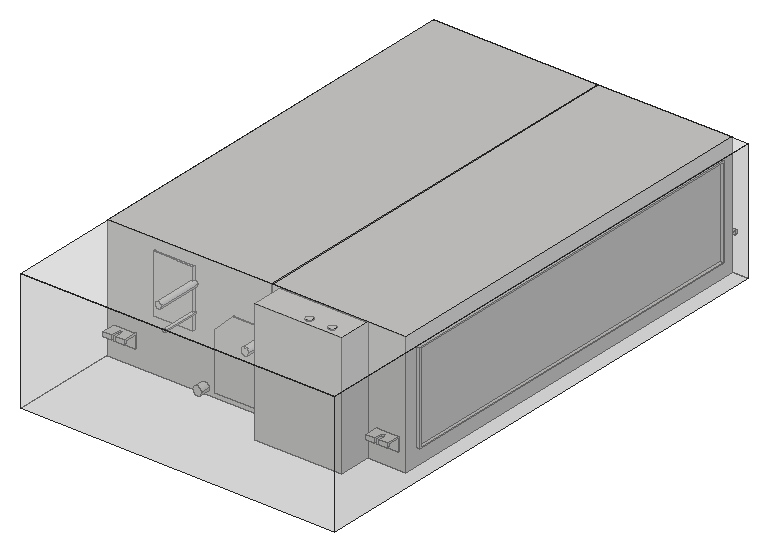
Revit family "outputfile", category 機械設備, Revit 2024
Family settings
  丸型コネクタ寸法 = 半径を使用
  パーツ タイプ = 標準
  OmniClass 番号 = 23.75.10.24.21.27.27
  OmniClass タイトル = Split System Air Conditioning Units
  作業面ベース = いいえ
  常に垂直 = はい
  ロード時にボイドで切り取り = いいえ
  注釈の向きを維持 = いいえ
  共有 = いいえ
  部屋計算ポイント = はい
Parameters (values of type "FXMQ250NVE6")
  製造元 = "Daikin"
  書き出し IFC クラス(タイプ) = "IfcUnitaryEquipmentType"
  定義済み IFC タイプ(タイプ) = "AIRCONDITIONINGUNIT"
  モデル = "FXMQ250NVE6"
  switch_frequency = yes
  lw_suctionflange = 1390 mm
  r_Liquid Pipe Size = Liquid Pipe Size / 2  # 4.75 mm
  r_Gas Pipe Size = Gas Pipe Size / 2  # 11.1 mm
  r_Drain Pipe Size = Drain Pipe Size / 2  # 15.75 mm
  lw_power = 87 mm  # constant formula
  lw_dischargeflange = 1247 mm
  lh_power = 443.6 mm  # constant formula
  lh_mountinghole1 = lh_mountinghole + [h***]  # 110 mm
  lh_dischargeflange = 370 mm  # constant formula
  ld_power = 199 mm  # constant formula
  ld_dischargeflange = 30 mm  # constant formula
  connector_voltage = Voltage_50Hz  # 230 V
  connector_powerinput = if([Power Input (Cooling)] > [Power Input (Heating)], [Power Input (Cooling)], [Power Input (Heating)])  # 1.650 kW
  connector_phase = Phase_50Hz  # 1
  Voltage_comment_50Hz = "230"
  Voltage_50Hz = 230 V
  Supply Air Direction [instance] = yes
  Phase_50Hz = 1
  Minimum External Static Pressure = 190.00 Pa
  Minimum Circuit Amps_50Hz = 10.9 A
  Maximum Fuse Amps_50Hz = 15.0 A
  Maximum External Static Pressure = 270.00 Pa
  Material_Casing = DAIKIN_GalvanizedSteel_Casing_indoorunit
  ld_mountinghole = 962 mm  # constant formula
  lh_gaspipe = 96 mm  # constant formula
  lh_mountinghole = 110 mm  # constant formula
  lh_liquidpipe = 191 mm  # constant formula
  lh_drainpipe = 24 mm  # constant formula
  lh_antena = Height - lh_mountinghole + 1 mm  # 336 mm
  ld_drainpipe = 355 mm  # constant formula
  ld_liquidpipe = 317 mm  # constant formula
  ld_gaspipe = 317 mm  # constant formula
  lw_mountinghole = 1544 mm
  h*** = 0 mm  # constant formula
  lw_liquidpipe = 137 mm
  lw_gaspipe = 164 mm
  lw_drainpipe = 33 mm  # constant formula
  Width = 1611 mm
  Version = "ver.1.0"
  Unit Type = "Duct_H.S.P."
  Unit Mass Weight = 130.00 kg
  Unit Designation [instance] = ""
  Uniclass2015Version = "Products v1.30"
  Uniclass2015Title = "Variable refrigerant flow units"
  Uniclass2015Code = "Pr_70_65_03_94"
  Total Heating Capacity [instance] = 0.000 kW
  Total Cooling Capacity [instance] = 0.000 kW
  Sound Pressure Level_L speed (dBA) = 47
  Sound Pressure Level_H speed (dBA) = 49
  Series = "VRV Fan Coil Unit"
  Sensible Cooling Capacity [instance] = 0.000 kW
  SA Duct Size Width = 1247 mm
  SA Duct Size Height = 370 mm
  Refrigerant Type = "R410A"
  RA Duct Size Width = 1390 mm
  RA Duct Size Height = 333 mm
  Power Input (Heating) = 1.650 kW
  Power Input (Cooling) = 1.650 kW
  Option Accessory 3 [instance] = ""
  Option Accessory 2 [instance] = ""
  Option Accessory 1 [instance] = ""
  Nominal Heating Capacity = 31.500 kW
  Nominal Cooling Capacity = 28.000 kW
  Minimum Airflow = 4380.00 m³/h
  Median Airflow = 0.00 m³/h
  Maximum Airflow = 4800.00 m³/h
  Load Classification = HVAC
  Liquid Pipe Size = 9.5 mm
  Link_Nested Family [instance] = ""
  IfcVersion = ""
  IfcExportType = "AIRCONDITIONINGUNIT"
  IfcExportAs = "IfcUnitaryEquipmentType"
  Height = 445 mm
  Heating Entering Wet Bulb Temperature [instance] = 0.00 °C
  Heating Entering Dry Bulb Temperature [instance] = 0.00 °C
  Heating Ambient Wet Bulb Temperature [instance] = 0.00 °C
  Heating Ambient Dry Bulb Temperature [instance] = 0.00 °C
  Heat Exchanger Type = "Cross Fin Coil"
  Gas Pipe Size = 22.2 mm
  Frequency_50Hz = 50 Hz
  Fan Type = "Sirocco Fan"
  Fan Drive = "Direct Drive"
  FCU Tag No. [instance] = ""
  Drain Pipe Size = 31.5 mm
  Design Supply Airflow [instance] = 0.00 m³/h
  Design Return Airflow [instance] = 0.00 m³/h
  Design External Static Pressure [instance] = 0.00 Pa
  Depth = 1090 mm
  既定の高さ = 0 mm
  Cooling Entering Wet Bulb Temperature [instance] = 0.00 °C
  Cooling Entering Dry Bulb Temperature [instance] = 0.00 °C
  Cooling Ambient Wet Bulb Temperature [instance] = 0.00 °C
  Cooling Ambient Dry Bulb Temperature [instance] = 0.00 °C
  Clearance visibility [instance] = yes
  Clearance Top = 0 mm
  Clearance Right = 60 mm
  Clearance Rear = 0 mm
  Clearance Left = 0 mm
  Clearance Front = 400 mm
  Clearance Bottom = 0 mm
Reference planes
  plane 1 "Center (Front/Back)": y = 0
  plane 2 "h": z = 0
  plane 3 "Center (Left/Right)": x = 0
  plane 4 "Back": y = 746
  plane 5: y = -746
  plane 6 "Left": x = -545
  plane 7 "Reight": x = 545
  plane 8 "Top": z = 0
  plane 9 "Bottom": z = -445
  plane 10 "ld_mountinghole1": y = 772
  plane 11: y = 746
  plane 12: y = -1146
  plane 13: x = -545
  plane 14: x = 605
  plane 15: z = 0
  plane 16: z = -445
  plane 17: x = 55
  plane 18 "ld_mountinghole2": y = -772
  plane 19: x = -481
  plane 20: x = 481
  plane 21: x = -545
  plane 22: x = 545
  plane 23 "Front": y = -865
  plane 24 "lh_mountinghole": z = -335
  plane 25: x = -228
  plane 26: x = -228
  plane 27: x = -190
  plane 28 "lh_liquidpipe": z = -191
  plane 29: z = -96
  plane 30: z = -421
  plane 31: y = -883
  plane 32: y = -910
  plane 33: y = -779
  plane 34: y = -833
  plane 35: x = 346
  plane 36: y = -752
  plane 37: y = -801
  plane 38: z = -38
  plane 39: y = 666.5
  plane 40: z = -50
  plane 41: y = 691
Forms (mm)
  Extrusion 1, solid, material "DAIKIN_GalvanizedSteel_Casing_indoorunit" <- "Material_Casing"
    sketch origin (12.25, -160, 0) x (1, 0, 0) y (0, 1, 0)
      loop
        line (42.75, 906) -> (42.75, -586) -> (532.75, -586) -> (532.75, 906) -> (42.75, 906)
    from -445 to 0
  Extrusion 2, solid, material "DAIKIN_GalvanizedSteel_Casing_indoorunit" <- "Material_Casing"
    sketch origin (115, 9, 0) x (1, 0, 0) y (0, 1, 0)
      loop
        line (-660, 737) -> (-660, -755) -> (-60, -755) -> (-60, 737) -> (-660, 737)
    from -445 to 0
  Extrusion 3, solid, material "DAIKIN_GalvanizedSteel_Casing_indoorunit" <- "Material_Casing"
    sketch origin (0, -900, 0) x (1, 0, 0) y (0, 0, 1)
      loop
        line (87.5, -1.4) -> (87.5, -445) -> (405.5, -445) -> (405.5, -1.4) -> (87.5, -1.4)
    from -154 to -35
  Extrusion 4, solid, material "DAIKIN_GalvanizedSteel_Casing_indoorunit" <- "Material_Casing"
    sketch origin (-1374.64, -746, 1200) x (-1, 0, 0) y (0, 0, 1)
      loop
        circle (-1146.64, -1391) r 4.75
    from 0 to -137
  Extrusion 5, solid, material "DAIKIN_GalvanizedSteel_Casing_indoorunit" <- "Material_Casing"
    sketch origin (-1374.64, -746, 1200) x (-1, 0, 0) y (0, 0, 1)
      loop
        circle (-1146.64, -1296) r 11.1
    from 0 to -164
  Extrusion 6, solid, material "DAIKIN_GalvanizedSteel_Casing_indoorunit" <- "Material_Casing"
    sketch origin (-1374.64, -746, 1200) x (-1, 0, 0) y (0, 0, 1)
      loop
        circle (-1184.64, -1621) r 15.75
    from 0 to -33
  Extrusion 7, solid, material "DAIKIN_GalvanizedSteel_Casing_indoorunit" <- "Material_Casing"
    sketch origin (0, 0, 0) x (1, 0, 0) y (0, 0, 1)
      loop
        line (-373, -38) -> (-373, -250) -> (-228, -250) -> (-228, -38) -> (-373, -38)
    from 746 to 752
  Extrusion 8, solid, material "DAIKIN_GalvanizedSteel_Casing_indoorunit" <- "Material_Casing"
    sketch origin (0, 0, 0) x (1, 0, 0) y (0, 0, 1)
      loop
        line (-84, -152.5) -> (-149, -217.5) -> (-149, -424.5) -> (42.6, -424.5) -> (42.6, -152.5) -> (-84, -152.5)
    from 746 to 752
  Extrusion 9, solid, material "DAIKIN_GalvanizedSteel_Casing_indoorunit" <- "Material_Casing"
    sketch origin (0, 0, 0) x (1, 0, 0) y (0, 0, 1)
      loop
        circle (2, -215) r 13.75
    from 746 to 801
  Extrusion 10, solid, material "DAIKIN_GalvanizedSteel_Casing_indoorunit" <- "Material_Casing"
    sketch origin (0, 0, 0) x (1, 0, 0) y (0, 1, 0)
      loop
        circle (346, -833) r 12.4
      loop
        circle (263, -833) r 12.4
    from -1.4 to -152.5
Cuts and joins
  joined: Extrusion 8, Extrusion 9
  joined: Extrusion 4, Extrusion 5, Extrusion 7
Dimensions and locks
  "Height": plane 8 "Top" to plane 9 "Bottom"
  equal spacing: plane 6 "Left", plane 3 "Center (Left/Right)", plane 7 "Reight"
  "Clearance Left": plane 13 to plane 6 "Left"
  "Clearance Right": plane 7 "Reight" to plane 14
  "Clearance Rear": plane 11 to plane 4 "Back"
  "Clearance Front": plane 5 to plane 12
  "Clearance Top": plane 15 to plane 8 "Top"
  "Clearance Bottom": plane 9 "Bottom" to plane 16
  equal spacing: plane 18 "ld_mountinghole2", plane 1 "Center (Front/Back)", plane 10 "ld_mountinghole1"
  "lw_mountinghole": plane 18 "ld_mountinghole2" to plane 10 "ld_mountinghole1"
  equal spacing: plane 19, plane 3 "Center (Left/Right)", plane 20
  "ld_mountinghole": plane 19 to plane 20
  "Depth": plane 6 "Left" to plane 7 "Reight"
  plane 21 to plane 22 = 1090 mm
  equal spacing: plane 21, plane 3 "Center (Left/Right)", plane 22
  plane 4 "Back" to plane 5 = 1492 mm
  equal spacing: plane 4 "Back", plane 1 "Center (Front/Back)", plane 5
  "lh_mountinghole": plane 24 "lh_mountinghole" to plane 9 "Bottom"
  locked: plane 5 to plane 23 "Front" at 119
  locked: plane 21 to plane 17 at 600
  "ld_liquidpipe": plane 21 to plane 25
  "ld_gaspipe": plane 21 to plane 26
  "ld_drainpipe": plane 21 to plane 27
  "lh_liquidpipe": plane 8 "Top" to plane 28 "lh_liquidpipe"
  "lh_gaspipe": plane 8 "Top" to plane 29
  "lh_drainpipe": plane 30 to plane 9 "Bottom"
  "lw_liquidpipe": plane 5 to plane 31
  "lw_gaspipe": plane 5 to plane 32
  "lw_drainpipe": plane 5 to plane 33
  "lw_power": plane 5 to plane 34
  "ld_power": plane 35 to plane 22
  "Width": plane 4 "Back" to plane 23 "Front"
  locked: plane 8 "Top" to Extrusion 7 sketch curve at 38
  locked: Extrusion 7 sketch curve to Extrusion 7 sketch curve at 212
  locked: plane 26 to Extrusion 7 sketch curve at 145
  locked: plane 5 to plane 36 at 6
  locked: Extrusion 8 sketch curve to plane 9 "Bottom" at 20.5
  locked: Extrusion 8 sketch curve to Extrusion 8 sketch curve at 272
  locked: Extrusion 8 sketch curve to plane 21 at 396
  locked: Extrusion 8 sketch curve to Extrusion 8 sketch curve at 191.6
  locked: plane 8 "Top" to Extrusion 8 sketch curve at 217.5
  locked: Extrusion 8 sketch curve to plane 21 at 461
  locked: Extrusion 3 sketch curve to plane 9 "Bottom" at 443.6
  locked: plane 22 to Extrusion 3 sketch curve at 139.5
  locked: Extrusion 3 sketch curve to Extrusion 3 sketch curve at 318
  locked: plane 5 to plane 37 at 55
  Extrusion 10 sketch curve to Extrusion 10 sketch curve to plane 22 = 83 mm locked, 199 mm locked
  locked: plane 8 "Top" to plane 38 at 38
  locked: plane 4 "Back" to plane 39 at 79.5
  plane 8 "Top" to plane 40 = 50 mm
  locked: plane 4 "Back" to plane 41 at 55
  locked: level to plane 40 at 50
  "r_Liquid Pipe Size": radius of Extrusion 4 sketch curve
  "r_Gas Pipe Size": radius of Extrusion 5 sketch curve
  "r_Drain Pipe Size": radius of Extrusion 6 sketch curve
  aligned and locked: level to plane 2 "h"
  aligned and locked: plane 8 "Top" to Extrusion 1
  aligned and locked: Extrusion 1 to plane 9 "Bottom"
  aligned and locked: nested 2 to plane 12
  aligned and locked: plane 13 to nested 2
  aligned and locked: plane 14 to nested 2
  aligned and locked: nested 2 to plane 13
  aligned and locked: plane 11 to nested 2
  aligned and locked: plane 15 to nested 2
  aligned and locked: plane 16 to nested 2
  aligned and locked: Extrusion 1 to plane 17
  aligned and locked: Extrusion 2 sketch curve to plane 4 "Back"
  aligned and locked: Extrusion 2 sketch curve to plane 17
  aligned and locked: plane 5 to Extrusion 2 sketch curve
  aligned and locked: plane 10 "ld_mountinghole1" to nested 5
  aligned and locked: plane 19 to nested 5
  aligned and locked: nested 4 to plane 18 "ld_mountinghole2"
  aligned and locked: plane 19 to nested 4
  aligned and locked: nested 3 to plane 20
  aligned and locked: nested 3 to plane 18 "ld_mountinghole2"
  aligned and locked: plane 10 "ld_mountinghole1" to nested 6
  aligned and locked: nested 6 to plane 20
  aligned and locked: nested 1 to plane 3 "Center (Left/Right)"
  aligned and locked: plane 1 "Center (Front/Back)" to nested 1
  aligned and locked: level to plane 8 "Top"
  aligned and locked: Extrusion 2 to plane 21
  aligned and locked: plane 22 to Extrusion 1
  aligned and locked: plane 4 "Back" to Extrusion 1
  aligned and locked: Extrusion 1 to plane 5
  aligned and locked: plane 8 "Top" to Extrusion 2
  aligned and locked: plane 5 to Extrusion 3
  aligned and locked: Extrusion 3 to plane 23 "Front"
  aligned and locked: plane 28 "lh_liquidpipe" to Extrusion 4 sketch curve
  aligned and locked: plane 25 to Extrusion 4 sketch curve
  aligned and locked: plane 5 to Extrusion 4
  aligned and locked: Extrusion 4 to plane 31
  aligned and locked: plane 29 to Extrusion 5 sketch curve
  aligned and locked: plane 26 to Extrusion 5 sketch curve
  aligned and locked: Extrusion 5 to plane 32
  aligned and locked: plane 30 to Extrusion 6 sketch curve
  aligned and locked: plane 27 to Extrusion 6 sketch curve
  aligned and locked: plane 5 to Extrusion 5
  aligned and locked: plane 5 to Extrusion 6
  aligned and locked: Extrusion 6 to plane 33
  aligned and locked: plane 25 to nested 7
  aligned and locked: nested 7 to plane 31
  aligned and locked: nested 7 to plane 28 "lh_liquidpipe"
  aligned and locked: plane 26 to nested 8
  aligned and locked: nested 8 to plane 32
  aligned and locked: nested 8 to plane 29
  aligned and locked: plane 27 to nested 9
  aligned and locked: nested 9 to plane 33
  aligned and locked: nested 9 to plane 30
  aligned and locked: plane 35 to nested 10
  aligned and locked: nested 10 to plane 34
  aligned and locked: plane 4 "Back" to nested 11
  aligned and locked: plane 19 to nested 11
  aligned and locked: nested 12 to plane 5
  aligned and locked: plane 20 to nested 12
  aligned and locked: plane 4 "Back" to nested 13
  aligned and locked: nested 13 to plane 20
  aligned and locked: nested 14 to plane 5
  aligned and locked: nested 14 to plane 19
  aligned and locked: Extrusion 2 to Extrusion 1
  aligned and locked: plane 24 "lh_mountinghole" to nested 11
  aligned and locked: plane 24 "lh_mountinghole" to nested 14
  aligned and locked: plane 24 "lh_mountinghole" to nested 12
  aligned and locked: plane 24 "lh_mountinghole" to nested 13
  aligned and locked: Extrusion 7 sketch curve to plane 25
  aligned and locked: plane 5 to Extrusion 7
  aligned and locked: Extrusion 7 to plane 36
  aligned and locked: plane 5 to Extrusion 8
  aligned and locked: Extrusion 8 to plane 36
  aligned and locked: plane 9 "Bottom" to Extrusion 3 sketch curve
  aligned and locked: plane 5 to Extrusion 9
  aligned and locked: Extrusion 9 to plane 37
  aligned and locked: plane 34 to Extrusion 10 sketch curve  (x2)
  aligned and locked: Extrusion 3 to Extrusion 10
  aligned and locked: cut or joined group of Extrusion 8, Extrusion 9 to Extrusion 10
  aligned and locked: nested 10 to plane 9 "Bottom"
  aligned and locked: plane 38 to nested 15
  aligned and locked: nested 15 to plane 39
  aligned and locked: plane 41 to nested 16
  aligned and locked: plane 40 to nested 16
  aligned and locked: nested 15 to plane 21
  aligned and locked: plane 22 to nested 16
Automatic sketch dimensions
  Extrusion 1 sketch curve to plane 5 = 0 mm
  Extrusion 1 sketch curve to plane 17 = 0 mm
  Extrusion 1 sketch curve to plane 7 "Reight" = 0 mm
  Extrusion 1 sketch curve to plane 4 "Back" = 0 mm
  Extrusion 2 sketch curve to plane 6 "Left" = 0 mm
  plane 3 "Center (Left/Right)" to Extrusion 9 sketch curve = 2 mm
  Extrusion 9 sketch curve to plane 28 "lh_liquidpipe" = 24 mm
  radius of Extrusion 10 sketch curve = 12.4 mm  (x2)
  radius of Extrusion 9 sketch curve = 13.75 mm
Nested families
  nested 1: "daikin_△_symbolicline" at (0, 0, 445) x (0, -1, 0) z (0, 0, 1), built-in parameter 1001364 <- "Height", visible <- "Supply Air Direction", type "daikin_△_symbolicline"
    with length 300 mm
  nested 2: "daikin_clearancespace" at (30, -200, -222.381), visible <- "Clearance visibility", show <- "Clearance visibility", Link_Nested Family <- "Link_Nested Family", type "daikin_clearancespace"
    with width 1150 mm, show yes, height 445 mm, depth 1892 mm, Link_Nested Family ""
  nested 3: "daikin_mountinghole" at (481, -772, -445), l_antenna <- "lh_antena", Link_Nested Family <- "Link_Nested Family", h_mountinghole <- "lh_mountinghole1", type "daikin_mountinghole"
    with show yes, l_antenna 336 mm, h_mountinghole 110 mm, Link_Nested Family ""
  nested 4: "daikin_mountinghole" at (-481, -772, -445), l_antenna <- "lh_antena", Link_Nested Family <- "Link_Nested Family", h_mountinghole <- "lh_mountinghole1", type "daikin_mountinghole"
    with show yes, l_antenna 336 mm, h_mountinghole 110 mm, Link_Nested Family ""
  nested 5: "daikin_mountinghole" at (-481, 772, -445), h_mountinghole <- "lh_mountinghole1", l_antenna <- "lh_antena", Link_Nested Family <- "Link_Nested Family", type "daikin_mountinghole"
    with show yes, l_antenna 336 mm, h_mountinghole 110 mm, Link_Nested Family ""
  nested 6: "daikin_mountinghole" at (481, 772, -445), l_antenna <- "lh_antena", Link_Nested Family <- "Link_Nested Family", h_mountinghole <- "lh_mountinghole1", type "daikin_mountinghole"
    with show yes, l_antenna 336 mm, h_mountinghole 110 mm, Link_Nested Family ""
  nested 7: "daikin_connector_rotate2" at (-228, -746, -191), length <- "lw_liquidpipe", radius <- "r_Liquid Pipe Size", type "daikin_connector_rotate2"
    with radius 4.75 mm, length 137 mm, angle_vertical 90.00°, show_face no
  nested 8: "daikin_connector_rotate2" at (-228, -746, -96), length <- "lw_gaspipe", radius <- "r_Gas Pipe Size", type "daikin_connector_rotate2"
    with radius 11.1 mm, length 164 mm, angle_vertical 90.00°, show_face no
  nested 9: "daikin_connector_rotate2" at (-190, -746, -421), length <- "lw_drainpipe", radius <- "r_Drain Pipe Size", type "daikin_connector_rotate2"
    with radius 15.75 mm, length 33 mm, angle_vertical 90.00°, show_face no
  nested 10: "daikin_connector_rotate2" at (346, -833, -445) x (1, 0, 0) z (0, -1, 0), length <- "lh_power", type "daikin_connector_rotate2"
    with radius 10 mm, length 443.6 mm, angle_vertical 270.00°, show_face no
  nested 11: "daikin_hangerfixture_FXMQ-NVE6" at (-481, 746, -335) x (0, 1, 0) z (0, 0, 1), type "daikin_hangerfixture_FXMQ-NVE6"
  nested 12: "daikin_hangerfixture_FXMQ-NVE6" at (481, -746, -335) x (0, -1, 0) z (0, 0, 1), type "daikin_hangerfixture_FXMQ-NVE6"
  nested 13: "daikin_hangerfixture_FXMQ-NVE6" at (481, 746, -335) x (0, 1, 0) z (0, 0, 1), type "daikin_hangerfixture_FXMQ-NVE6"
  nested 14: "daikin_hangerfixture_FXMQ-NVE6" at (-481, -746, -335) x (0, -1, 0) z (0, 0, 1), type "daikin_hangerfixture_FXMQ-NVE6"
  nested 15: "daikin_ductflange_FXMQ-NVE6" at (-545, 43, -408) x (0, -1, 0) z (0, 0, 1), width <- "lw_dischargeflange", depth <- "ld_dischargeflange", height <- "lh_dischargeflange", type "daikin_ductflange_FXMQ-NVE6"
    with width 1247 mm, material DAIKIN_GalvanizedSteel_Casing_indoorunit, height 370 mm, depth 30 mm
  nested 16: "daikin_ductflange_FXMQ-NVE6" at (545, -4, -383) x (0, 1, 0) z (0, 0, 1), width <- "lw_suctionflange", type "daikin_ductflange_FXMQ-NVE6"
    with width 1390 mm, material DAIKIN_GalvanizedSteel_Casing_indoorunit, height 333 mm, depth 15 mm
Connectors
  piping at (-228, -883, -191), diameter 9.5, driven by "r_Liquid Pipe Size"
    settings: on nested 7, index 3, connector inside diameter 609.6 mm, connector length 0 mm, flow factor 0, pipe flow 0.00 m³/h, pressure drop 0.0 Pa, fitting loss kfactor 0, connector angle 0.00°, fixture units 0, engagement length 0 mm, angle of deflection 0.00°, flow configuration 1, flow direction 1, fitting loss method 0, system type 29, joint type 0, gender type 0, connector reference index -1, connector utility 0, adjustable connector no, is connector primary yes, connector description "Refrigerant Liquid Piping"
  piping at (-228, -910, -96), diameter 22.2, driven by "r_Gas Pipe Size"
    settings: on nested 8, index 4, connector inside diameter 609.6 mm, connector length 0 mm, flow factor 0, pipe flow 0.00 m³/h, pressure drop 0.0 Pa, fitting loss kfactor 0, connector angle 0.00°, fixture units 0, engagement length 0 mm, angle of deflection 0.00°, flow configuration 1, flow direction 2, fitting loss method 0, system type 29, joint type 0, gender type 0, connector reference index -1, connector utility 0, adjustable connector no, is connector primary no, connector description "Refrigerant Gas Piping"
  piping at (-190, -779, -421), diameter 31.5, driven by "r_Drain Pipe Size"
    settings: on nested 9, index 5, connector inside diameter 609.6 mm, connector length 0 mm, flow factor 0, pipe flow 0.00 m³/h, pressure drop 0.0 Pa, fitting loss kfactor 0, connector angle 0.00°, fixture units 0, engagement length 0 mm, angle of deflection 0.00°, flow configuration 1, flow direction 2, fitting loss method 4, system type 16, joint type 0, gender type 0, connector reference index -1, connector utility 0, adjustable connector no, is connector primary no, connector description "Condensate Drain Piping"
  electrical at (346, -833, -1.4), driven by "Load Classification", driven by "connector_voltage", driven by "connector_phase", driven by "connector_powerinput"
    settings: on nested 10, index 6, voltage 230 V, apparent load 1650 VA, apparent load phase1 0 VA, apparent load phase2 0 VA, apparent load phase3 0 VA, power factor 1, load classification "HVAC", number of poles 1, system type 30, power factor state 1, is connector primary yes, connector utility no, sub classification motor no, connector description "Power Supply"
  hvac at (560, -4, -216.5), driven by "RA Duct Size Height", driven by "RA Duct Size Width"
    settings: on nested 16, index 7, duct flow 0.00 m³/h, flow factor 0, pres drop 0.00 Pa, loss coef 0, conn angle 0.00°, conn width 1390.0 mm, conn height 333.0 mm, conn diameter 609.6 mm, duct sys type 2, conn prof type 1, flow config 0, flow direction 1, loss method 4, conn ref index -1, conn util no, is conn primary yes, conn desc "RA Duct"
  hvac at (-575, 43, -223), driven by "SA Duct Size Height", driven by "SA Duct Size Width"
    settings: on nested 15, index 8, duct flow 0.00 m³/h, flow factor 0, pres drop 0.00 Pa, loss coef 0, conn angle 0.00°, conn width 1247.0 mm, conn height 370.0 mm, conn diameter 609.6 mm, duct sys type 1, conn prof type 1, flow config 0, flow direction 2, loss method 4, conn ref index -1, conn util no, is conn primary no, conn desc "SA Duct"
Definition of nested family "daikin_clearancespace"
  Parameters (values of type "daikin_clearancespace")
    Description = "daikin_clearancespace"
    width [instance] = 1823.963 mm
    show [instance] = yes
    material = none
    height [instance] = 1359.762 mm
    depth [instance] = 880 mm
    Default Elevation = 0 mm
    Link_Nested Family [instance] = ""
  Reference planes
    plane 1 "Center (Front/Back)": y = 0
    plane 2 "Center (Elevation)": z = -0.119
    plane 3 "Center (Left/Right)": x = 0
    plane 4: y = 440
    plane 5: y = -440
    plane 6 "Right": x = 911.982
    plane 7 "Left": x = -911.982
    plane 8 "Top": z = 679.762
    plane 9 "Bottom": z = -680
  Forms (mm)
    Extrusion 1, solid, material <- "material", visible <- "show"
      sketch origin (0, 0, 0) x (1, 0, 0) y (0, 1, 0)
        loop
          line (-911.982, 440) -> (-911.982, -440) -> (911.982, -440) -> (911.982, 440) -> (-911.982, 440)
      from -680 to 679.762
  Lines and regions (mm)
    symbolic lines, visible <- "show"
      curve 1: line (911.982, 440, 0) -> (-911.982, 440, 0)
      curve 2: line (-911.982, 440, 0) -> (-911.982, -440, 0)
      curve 3: line (-911.982, -440, 0) -> (911.982, -440, 0)
      curve 4: line (911.982, -440, 0) -> (911.982, 440, 0)
      curve 5: line (911.982, 0, 679.762) -> (-911.982, 0, 679.762)
      curve 6: line (911.982, 0, -680) -> (911.982, 0, 679.762)
      curve 7: line (-911.982, 0, -680) -> (911.982, 0, -680)
      curve 8: line (-911.982, 0, 679.762) -> (-911.982, 0, -680)
      curve 9: line (0, 440, 679.762) -> (0, -440, 679.762)
      curve 10: line (0, -440, 679.762) -> (0, -440, -680)
      curve 11: line (0, 440, -680) -> (0, 440, 679.762)
      curve 12: line (0, -440, -680) -> (0, 440, -680)
  Dimensions and locks
    "width": plane 7 "Left" to plane 6 "Right"
    "depth": plane 4 to plane 5
    "height": plane 8 "Top" to plane 9 "Bottom"
    equal spacing: plane 7 "Left", plane 3 "Center (Left/Right)", plane 6 "Right"
    equal spacing: plane 4, plane 1 "Center (Front/Back)", plane 5
    equal spacing: plane 8 "Top", plane 2 "Center (Elevation)", plane 9 "Bottom"
    aligned and locked: level to plane 2 "Center (Elevation)"
    aligned and locked: Extrusion 1 sketch curve to plane 4
    aligned and locked: plane 7 "Left" to Extrusion 1 sketch curve
    aligned and locked: Extrusion 1 sketch curve to plane 5
    aligned and locked: Extrusion 1 sketch curve to plane 6 "Right"
    aligned and locked: plane 8 "Top" to Extrusion 1
    aligned and locked: curve 1 to Extrusion 1
    aligned and locked: curve 2 to Extrusion 1
    aligned and locked: curve 3 to Extrusion 1
    aligned and locked: curve 4 to Extrusion 1
    aligned and locked: curve 5 to Extrusion 1
    aligned and locked: curve 6 to Extrusion 1
    aligned and locked: curve 7 to Extrusion 1
    aligned and locked: curve 8 to Extrusion 1
    aligned and locked: curve 9 to Extrusion 1
    aligned and locked: curve 10 to Extrusion 1
    aligned and locked: curve 11 to Extrusion 1
    aligned and locked: curve 12 to Extrusion 1
    aligned and locked: Extrusion 1 to plane 9 "Bottom"
Definition of nested family "daikin_hangerfixture_FXMQ-NVE6"
  Parameters (values of type "daikin_hangerfixture_FXMQ-NVE6_2")
    width = 51 mm
    material = none
    height = 50 mm
    depth = 80 mm
    Default Elevation = 0 mm
  Reference planes
    plane 1 "Center (Front/Back)": y = 0
    plane 2: z = 0
    plane 3 "Center (Left/Right)": x = 0
    plane 4: z = -3.2
    plane 5: z = -15
    plane 6: x = 51
    plane 7: y = 40
    plane 8: y = -40
    plane 9: y = -43.5
    plane 10: y = 43.5
    plane 11: z = -50
    plane 12: x = 3.2
    plane 13: x = 14
    plane 14: x = 26
    plane 15: x = 47.8
  Forms (mm)
    Extrusion 1, solid, material <- "material"
      sketch origin (0, 0, 0) x (1, 0, 0) y (0, 1, 0)
        loop
          line (0, 40) -> (0, -40) -> (51, -40) -> (51, -7) -> (26, -7)
          arc (26, -7) -> (19, 0) -> (26, 7) r 7
          line (26, 7) -> (51, 7) -> (51, 40) -> (0, 40)
      from -3.2 to 0
    Extrusion 2, solid, material <- "material"
      sketch origin (0, 0, 0) x (0, 1, 0) y (0, 0, 1)
        loop
          line (40, -47) -> (40, 0) -> (-40, 0) -> (-40, -47)
          arc (-40, -47) -> (-39.121, -49.121) -> (-37, -50) r 3
          line (-37, -50) -> (37, -50)
          arc (37, -50) -> (39.121, -49.121) -> (40, -47) r 3
      from 0 to 3.2
    Extrusion 3, solid, material <- "material"
      sketch origin (0, 0, 0) x (0, 1, 0) y (0, 0, 1)
        loop
          line (-7, -12.007) -> (-7, 0) -> (-40, 0) -> (-40, -12.007)
          arc (-40, -12.007) -> (-39.123, -14.123) -> (-37.007, -15) r 2.993
          line (-37.007, -15) -> (-9.993, -15)
          arc (-9.993, -15) -> (-7.877, -14.123) -> (-7, -12.007) r 2.993
        loop
          arc (7, -12.007) -> (7.877, -14.123) -> (9.993, -15) r 2.993
          line (9.993, -15) -> (37.007, -15)
          arc (37.007, -15) -> (39.123, -14.123) -> (40, -12.007) r 2.993
          line (40, -12.007) -> (40, 0) -> (7, 0) -> (7, -12.007)
      from 51 to 47.8
  Cuts and joins
    joined: Extrusion 1, Extrusion 2, Extrusion 3
  Dimensions and locks
    "width": plane 3 "Center (Left/Right)" to plane 6
    "depth": plane 8 to plane 7
    equal spacing: plane 8, plane 1 "Center (Front/Back)", plane 7
    locked: plane 9 to plane 8 at 3.5
    locked: plane 7 to plane 10 at 3.5
    "height": level to plane 11
    locked: plane 12 to plane 3 "Center (Left/Right)" at 3.2
    plane 3 "Center (Left/Right)" to plane 13 = 14 mm
    locked: plane 13 to plane 14 at 12
    locked: plane 2 to plane 4 at 3.2
    locked: plane 6 to plane 15 at 3.2
    locked: plane 2 to plane 5 at 15
    locked: Extrusion 1 sketch curve to plane 1 "Center (Front/Back)" at 7
    locked: plane 1 "Center (Front/Back)" to Extrusion 1 sketch curve at 7
    locked: Extrusion 1 sketch curve to plane 6 at 25
    aligned and locked: level to plane 2
    aligned and locked: level to Extrusion 1
    aligned and locked: Extrusion 1 to plane 4
    aligned and locked: Extrusion 1 sketch curve to plane 3 "Center (Left/Right)"
    aligned and locked: Extrusion 1 sketch curve to plane 6  (x2)
    aligned and locked: level to Extrusion 2 sketch curve
    aligned and locked: plane 12 to Extrusion 2
    aligned and locked: Extrusion 3 sketch curve to level
    aligned and locked: level to Extrusion 3 sketch curve
    aligned and locked: plane 7 to Extrusion 1 sketch curve
    aligned and locked: Extrusion 1 sketch curve to plane 8
    aligned and locked: plane 11 to Extrusion 2 sketch curve
    aligned and locked: plane 6 to cut or joined group of Extrusion 1, Extrusion 2, Extrusion 3
    aligned and locked: cut or joined group of Extrusion 1, Extrusion 2, Extrusion 3 to plane 15
    aligned and locked: Extrusion 3 to plane 5  (x2)
    aligned and locked: Extrusion 3 to Extrusion 1  (x4)
  Automatic sketch dimensions
    plane 7 to Extrusion 2 sketch curve = 3 mm
    Extrusion 2 sketch curve to plane 8 = 3 mm
    Extrusion 2 sketch curve to Extrusion 2 sketch curve = 3 mm
    Extrusion 2 sketch curve to plane 7 = 0 mm
    plane 8 to Extrusion 3 sketch curve = 0 mm
    Extrusion 3 sketch curve to plane 5 = 0 mm  (x2)
    Extrusion 3 sketch curve to plane 8 = 2.993 mm
    plane 5 to Extrusion 3 sketch curve = 2.993 mm  (x2)
    plane 1 "Center (Front/Back)" to Extrusion 3 sketch curve = 9.993 mm
    Extrusion 3 sketch curve to plane 1 "Center (Front/Back)" = 7 mm
    plane 7 to Extrusion 3 sketch curve = 2.993 mm
    plane 7 to Extrusion 3 sketch curve = 0 mm
Definition of nested family "daikin_ductflange_FXMQ-NVE6"
  Parameters (values of type "daikin_ductflange_FDYQN-LCV1")
    width [instance] = 918 mm
    material [instance] = none
    height [instance] = 350 mm
    depth [instance] = 39.25 mm
    Default Elevation = 0 mm
  Reference planes
    plane 1 "Center (Front/Back)": y = 0
    plane 2: z = 0
    plane 3 "Center (Left/Right)": x = 0
    plane 4: y = -39.25
    plane 5: x = -459
    plane 6: x = 459
    plane 7 "Top": z = 350
    plane 8 "Center (Elevation)": z = 175
  Forms (mm)
    Extrusion 1, solid, material <- "material"
      sketch origin (0, 0, 0) x (1, 0, 0) y (0, 0, 1)
        loop
          line (-459, 350) -> (-459, 0) -> (459, 0) -> (459, 350) -> (-459, 350)
        loop
          line (-457, 348) -> (-457, 2) -> (457, 2) -> (457, 348) -> (-457, 348)
      from 0 to 39.25
  Dimensions and locks
    "height": plane 7 "Top" to plane 2
    "width": plane 5 to plane 6
    equal spacing: plane 5, plane 3 "Center (Left/Right)", plane 6
    "depth": plane 1 "Center (Front/Back)" to plane 4
    equal spacing: plane 7 "Top", plane 8 "Center (Elevation)", plane 2
    locked: plane 7 "Top" to Extrusion 1 sketch curve at 2
    locked: Extrusion 1 sketch curve to level at 2
    locked: Extrusion 1 sketch curve to plane 5 at 2
    locked: plane 6 to Extrusion 1 sketch curve at 2
    aligned and locked: level to plane 2
    aligned and locked: Extrusion 1 sketch curve to plane 7 "Top"
    aligned and locked: plane 5 to Extrusion 1 sketch curve
    aligned and locked: Extrusion 1 sketch curve to plane 6
    aligned and locked: plane 2 to Extrusion 1 sketch curve
    aligned and locked: Extrusion 1 to plane 4
Definition of nested family "daikin_△_symbolicline"
  Parameters (values of type "daikin_△_symbolicline")
    length [instance] = 200 mm
    Default Elevation = 0 mm
  Reference planes
    plane 1 "Center (Front/Back)": y = 0
    plane 2: z = 0
    plane 3 "Center (Left/Right)": x = 0
  Lines and regions (mm)
    symbolic lines
      curve 1: line (0, -173.205, 0) -> (100, 0, 0)
      curve 2: line (100, 0, 0) -> (-100, 0, 0)
      curve 3: line (-100, 0, 0) -> (0, -173.205, 0)
  Dimensions and locks
    equal spacing: curve 3, plane 3 "Center (Left/Right)", curve 2
    "length": curve 3 to curve 2
    "length": curve 3 to curve 3
    "length": curve 1 to curve 1
    aligned and locked: level to plane 2
    aligned and locked: curve 2 to plane 1 "Center (Front/Back)"
    aligned and locked: plane 3 "Center (Left/Right)" to curve 3
Definition of nested family "daikin_mountinghole"
  Parameters (values of type "daikin_mountinghole")
    Default Elevation = 1219.2 mm
    Type Comments = "mountinghole"
    show [instance] = yes
    material = none
    l_centerline = 100 mm
    l_antenna [instance] = 100 mm
    h_mountinghole [instance] = 0 mm
    d_circle = 30 mm
    Link_Nested Family [instance] = ""
  Reference planes
    plane 1 "Center (Front/Back)": y = 0
    plane 2: z = 0
    plane 3 "Center (Left/Right)": x = 0
    plane 4: y = 50
    plane 5: x = -50
    plane 6: x = 50
    plane 7: y = -50
    plane 8 "h_mountinghole": z = 0
    plane 9: z = 100
  Lines and regions (mm)
    model lines, detail levels fine
      curve 1: circle (0, 0, 0) r 15 normal (0, 0, 1)
      curve 2: line (-50, 0, 0) -> (50, 0, 0)
      curve 3: line (0, 50, 0) -> (0, -50, 0)
    symbolic lines, detail levels fine
      curve 4: circle (0, 0, 0) r 15 normal (0, 0, 1)
      curve 5: line (-50, 0, 0) -> (50, 0, 0)
      curve 6: line (0, 50, 0) -> (0, -50, 0)
    model lines
      curve 7: line (0, 0, 100) -> (0, 0, 0)
  Dimensions and locks
    equal spacing: plane 4, plane 1 "Center (Front/Back)", plane 7
    "l_centerline": plane 4 to plane 7
    equal spacing: plane 5, plane 3 "Center (Left/Right)", plane 6
    "l_centerline": plane 5 to plane 6
    "l_antenna": plane 9 to plane 8 "h_mountinghole"
    "h_mountinghole": plane 8 "h_mountinghole" to plane 2
    "d_circle": diameter of curve 1
    "d_circle": diameter of curve 4
    aligned and locked: level to plane 2
    aligned and locked: plane 1 "Center (Front/Back)" to curve 1
    aligned and locked: plane 3 "Center (Left/Right)" to curve 1
    aligned and locked: plane 1 "Center (Front/Back)" to curve 2
    aligned and locked: curve 3 to plane 3 "Center (Left/Right)"
    aligned and locked: plane 6 to curve 2
    aligned and locked: plane 5 to curve 2
    aligned and locked: plane 4 to curve 3
    aligned and locked: plane 7 to curve 3
    aligned and locked: plane 1 "Center (Front/Back)" to curve 4
    aligned and locked: plane 3 "Center (Left/Right)" to curve 4
    aligned and locked: plane 6 to curve 5
    aligned and locked: plane 5 to curve 5
    aligned and locked: plane 1 "Center (Front/Back)" to curve 5
    aligned and locked: plane 4 to curve 6
    aligned and locked: plane 7 to curve 6
    aligned and locked: curve 6 to plane 3 "Center (Left/Right)"
    aligned and locked: curve 7 to plane 3 "Center (Left/Right)"
    aligned and locked: plane 9 to curve 7
    aligned and locked: plane 8 "h_mountinghole" to curve 7
Definition of nested family "daikin_connector_rotate2"
  Parameters (values of type "daikin_connector_rotate2")
    show_face = yes
    radius [instance] = 10 mm
    length [instance] = 600 mm
    d_surface = 10 mm
    angle_vertical [instance] = 90.00°
    Default Elevation = 0 mm
  Reference planes
    plane 1 "Center (Front/Back)": y = 0
    plane 2: z = 0
    plane 3 "Center (Left/Right)": x = 0
  Forms (mm)
    Extrusion 1, solid, visible <- "show_face"
      sketch origin (0, -600, 0) x (1, 0, 0) y (0, 0, 1)
        loop
          circle (0, 0) r 10
      from 0 to -10
  Lines and regions (mm)
    reference lines
      curve 1: line (0, 0, 0) -> (0, -600, 0)
    symbolic lines
      curve 2: circle (0, 0, 0) r 5 normal (0, 0, 1)
    model lines, visible <- "show_face"
      curve 3: line (0, 0, 0) -> (0, -600, 0)
  Dimensions and locks
    "length": curve 1 to curve 1
    "length": curve 3 to curve 3
    "d_surface": Extrusion 1 to Extrusion 1
    "radius": radius of Extrusion 1 sketch curve
    "angle_vertical": angle curve 1 to plane 1 "Center (Front/Back)"
    "angle_vertical": angle curve 3 to plane 1 "Center (Front/Back)"
    aligned and locked: level to plane 2
    aligned and locked: plane 1 "Center (Front/Back)" to curve 1
    aligned and locked: plane 2 to curve 1
    aligned and locked: plane 1 "Center (Front/Back)" to curve 2
    aligned and locked: plane 3 "Center (Left/Right)" to curve 2
    aligned and locked: plane 1 "Center (Front/Back)" to curve 3
    aligned and locked: plane 2 to curve 3
    aligned and locked: Extrusion 1 to Extrusion 1
  Automatic sketch dimensions
    Extrusion 1 sketch curve to level = 0 mm
    Extrusion 1 sketch curve to plane 3 "Center (Left/Right)" = 0 mm
    radius of curve 2 = 5 mm
